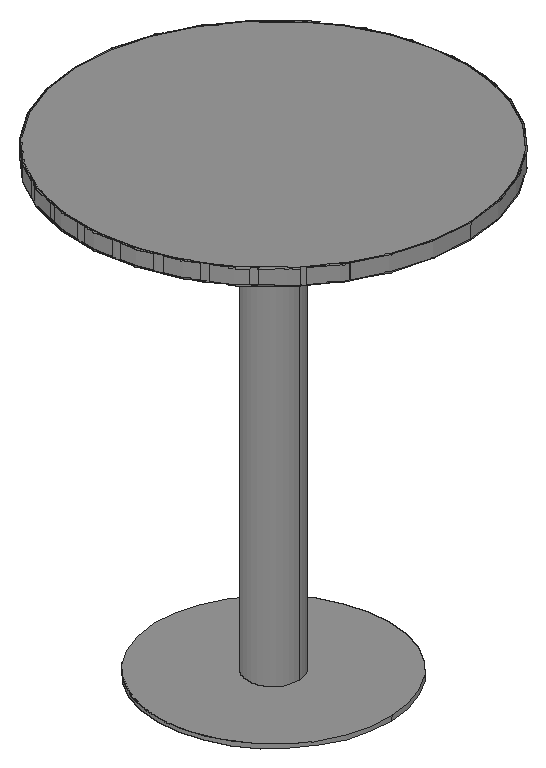
Revit family "Inklud 30in Round 36H Pedestal Base Table", category Furniture, Revit 2018
Family settings
  OmniClass Number = 23.40.20.00
  OmniClass Title = General Furniture and Specialties
  Work Plane-Based = No
  Always vertical = Yes
  Cut with Voids When Loaded = No
  Shared = No
  Room Calculation Point = No
Parameters
  Surface = Inklud 30" Round 36"H Pedestal Table Surface
  Edgeband = Inklud 30" Round 36"H Pedestal Table Edgeband
Reference planes (in)
  plane 1 "Center Front/Back": y = 0
  plane 2: z = 0
  plane 3 "Center Left/Right": x = 0
Forms (in)
  Extrusion 1, solid, material "Inklud Table Frame Platinum"
    sketch origin (0, 0, 0) x (1, 0, 0) y (0, 1, 0)
      loop
        circle (0, 0) r 2
    from 0.31496 to 34.62811
  Extrusion 2, solid, material "Inklud Table Frame Platinum"
    sketch origin (0, 0, 0) x (1, 0, 0) y (0, 1, 0)
      loop
        circle (0, 0) r 9
    from 0 to 0.31496
  Extrusion 3, solid, material "Inklud Table Frame Platinum"
    sketch origin (0, 0, 7) x (1, 0, 0) y (0, 1, 0)
      loop
        line (-6, 6) -> (-6, -6) -> (6, -6) -> (6, 6) -> (-6, 6)
    from 27.62811 to 27.86433
Dimensions and locks (in)
  aligned and locked: level to plane 2
Nested families (in)
  nested 1: "Inklud 30in Round Tabletop" at (0, 0, 7.20778), type "Inklud 30in Round Tabletop"
Definition of nested family "Inklud 30in Round Tabletop"
  Parameters (values of type "Inklud 30in Round Tabletop")
    Surface = none
    Edgeband = none
  Reference planes (in)
    plane 1 "Center (Front/Back)": y = 0
    plane 2: z = 0
    plane 3 "Center (Left/Right)": x = 0
  Forms (in)
    Extrusion 1, solid, material <- "Surface"
      sketch origin (0, 0, 0) x (1, 0, 0) y (0, 1, 0)
        loop
          circle (0, 0) r 15
      from 27.65655 to 28.90655
    Sweep 2, solid, material <- "Edgeband"
      path origin (0, 0, 0) x (1, 0, 0) y (0, 1, 0)
        loop
          circle (0, 0) r 15
      profile origin (0, 15, 0) x (0, -1, 0) y (0, 0, 1)
        loop
          arc (0, 28.90655) -> (-0.03536, 28.8919) -> (-0.05, 28.85655) r 0.05
          line (-0.05, 28.85655) -> (-0.05, 27.70655)
          arc (-0.05, 27.70655) -> (-0.03536, 27.67119) -> (0, 27.65655) r 0.05
          line (0, 27.65655) -> (0, 28.90655)
  Dimensions and locks (in)
    aligned and locked: plane 2 to level
